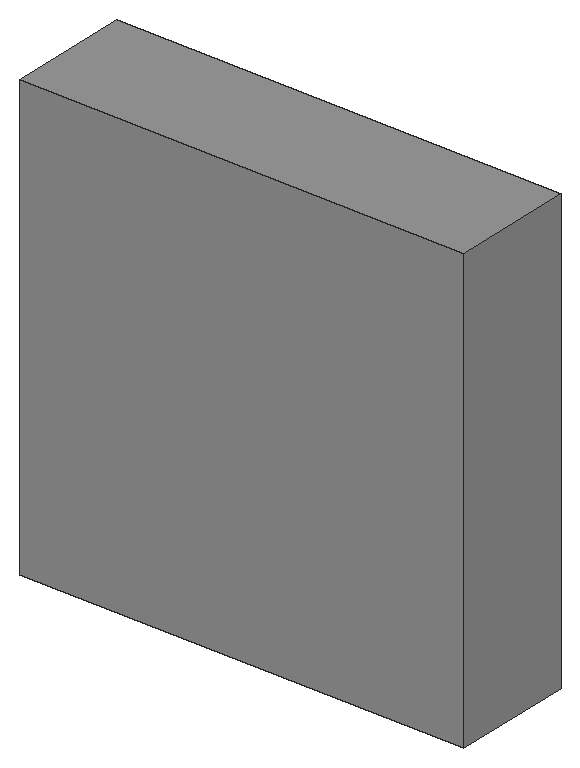
Revit family "SHG_Tueroeffner_V1700", category Sicherheitsgeräte, Revit 2017
Family settings
  Beschriftungsausrichtung beibehalten = Nein
  Bemaßung runder Anschluss = Durchmesser verwenden
  Teiletyp = Normal
  OmniClass-Nummer = 23.85.30.11
  OmniClass-Titel = Access Controls
  Arbeitsebenenbasiert = Nein
  Immer vertikal = Ja
  Beim Laden mit Abzugskörper schneiden = Ja
  Gemeinsam genutzt = Nein
  Raumberechnungspunkt = Nein
Parameters (values of type "Tueroeffner_EMA")
  pbr_Material_KZ = ""
  pbr_Material = none
  pbr_E_Typ = ""
  pbr_E_KZ = ""
  pbr_DINBild = 0
  pbr_Bild = 0
  pbr_3Dx_Delta_Korrekturversatz [instance] = 0 mm
  pbr_3DX_Versatzfaktor [instance] = 0
  pbr_2DY_Versatzfaktor [instance] = 0
  pbr_2DX_Versatzfaktor [instance] = 0
  lfd_STRK [instance] = 0
  cpiFitMatchKey [instance] = "E-ZK TÖ"
  Zentrale [instance] = ""
  Türöffner = yes
  Typ [instance] = ""
  Tiefe = 37 mm
  Text3 [instance] = ""
  Text2 [instance] = ""
  Text1 [instance] = ""
  Planungsbüro Rohling = "www.pbr.de"
  Netzart = ""
  Menge(Dosenzahl) [instance] = 0
  Länge = 135 mm
  Linie [instance] = ""
  Lastklassifizierung = none
  Installationsart [instance] = ""
  Info [instance] = ""
  Gewerk [instance] = "EMA"
  Eckversatz [instance] = 0 mm
  YFrontversatz [instance] = if(pbr_2DY_Versatzfaktor = 300, 0 mm, pbr_2DY_Versatzfaktor * 300 mm)  # 0 mm
  XSeitenversatz [instance] = if(pbr_2DX_Versatzfaktor = 0, 3000 mm, 3000 mm + (pbr_2DX_Versatzfaktor * 300 mm)) + Eckversatz  # 3000 mm
  X3Dversatz [instance] = if([3DX_Versatzkontrolle] = 0, 2000 mm, 2000 mm + ([3DX_Versatzkontrolle] * (300 mm - Breite))) + pbr_3Dx_Delta_Korrekturversatz  # 2000 mm
  Niveau [instance] = 1200 mm
  Bus [instance] = ""
  Breite = 135 mm
  Betriebsstrom ruhe [instance] = 0
  Betriebsstrom max [instance] = 0
  3DX_Versatzkontrolle [instance] = if(pbr_3DX_Versatzfaktor = 0, (pbr_2DX_Versatzfaktor * -1), (((-1 * pbr_3DX_Versatzfaktor) + pbr_2DX_Versatzfaktor) * -1))  # 0
  3DX_Versatz [instance] = if([3DX_Versatzkontrolle] = 0, 2000 mm, 2000 mm + ([3DX_Versatzkontrolle] * (300 mm - Breite))) + pbr_3Dx_Delta_Korrekturversatz  # 2000 mm
Types (2, lengths in mm): name | Gewerk
  Tueroeffner_EMA | "EMA"
  Tueroeffner_ZK | "ZK"
Reference planes
  plane 1 "Mitte (Vorne/Hinten)": y = 0
  plane 2: z = 0
  plane 3 "Mitte (Links/Rechts)": x = 22.5
  plane 4: x = -127.5
  plane 5: x = 172.5
  plane 6: y = 300
  plane 7 "Schalterhinten": y = 0
  plane 8: x = -2977.5
  plane 9: x = 22.5
  plane 10: x = -1977.5
  plane 11: x = -45
  plane 12: x = 90
  plane 13: z = 1267.5
  plane 14: z = 1132.5
  plane 15 "SchalterVorne": y = 37
  plane 16 "3DMitte": x = 22.5
  plane 17 "Achse": z = 1200
  plane 18: z = 1225
  plane 19: z = 1175
  plane 20 "2DMitte": y = 150
Forms (mm)
  Extrusion 1, solid, material "Stahl, weich, geschweißt"
    sketch origin (0, 20, 0) x (0, 0, 1) y (-1, 0, 0)
      loop
        line (1132.5, 45) -> (1132.5, -90) -> (1267.5, -90) -> (1267.5, 45) -> (1132.5, 45)
    from -17 to 20
Dimensions and locks
  locked: plane 6 to plane 7 "Schalterhinten" at 300
  "XSeitenversatz": plane 8 to plane 9
  plane 8 to plane 3 "Mitte (Links/Rechts)" = 3000 mm
  "YFrontversatz": plane 1 "Mitte (Vorne/Hinten)" to plane 7 "Schalterhinten"
  "Breite": plane 12 to plane 11
  "Länge": plane 13 to plane 14
  plane 9 to plane 10 = 2000 mm
  equal spacing: plane 12, plane 16 "3DMitte", plane 11
  equal spacing: plane 13, plane 17 "Achse", plane 14
  "Niveau": plane 17 "Achse" to level
  "Tiefe": plane 15 "SchalterVorne" to plane 1 "Mitte (Vorne/Hinten)"
  plane 13 to plane 18 = 42.5 mm
  plane 19 to plane 14 = 42.5 mm
  equal spacing: plane 4, plane 9, plane 5, locked at 150 each
  locked: plane 4 to plane 5 at 300
  equal spacing: plane 6, plane 20 "2DMitte", plane 7 "Schalterhinten", locked at 150 each
  "3DX_Versatz": plane 3 "Mitte (Links/Rechts)" to plane 10
  locked: plane 9 to plane 10 at 2000
  aligned and locked: level to plane 2
  aligned and locked: Extrusion 1 sketch curve to plane 14
  aligned and locked: Extrusion 1 sketch curve to plane 11
  aligned and locked: Extrusion 1 sketch curve to plane 13
  aligned and locked: plane 12 to Extrusion 1 sketch curve
  aligned and locked: plane 1 "Mitte (Vorne/Hinten)" to Extrusion 1
  aligned and locked: Extrusion 1 to plane 15 "SchalterVorne"
  aligned and locked: nested 1 to plane 9
  aligned and locked: nested 1 to plane 7 "Schalterhinten"
Nested families
  nested 1: "Türöffner" at (22.5, 0, 0), visible <- "Türöffner", type "Türöffner"
Connectors
  electrical at (22.5, 0, 1200)
    settings: on Extrusion 1, index 1, voltage 0 V, apparent load 0 VA, apparent load phase1 0 VA, apparent load phase2 0 VA, apparent load phase3 0 VA, power factor 1, load classification "Sonstige", number of poles 1, system type 10, power factor state 1, is connector primary yes, connector utility no, sub classification motor no, connector description ""
Definition of nested family "Türöffner"
  Reference planes
    plane 1 "Mitte (Vorne/Hinten)": y = 0
    plane 2: z = 0
    plane 3 "Mitte (Links/Rechts)": x = 0
  Lines and regions (mm)
    detail lines, in view "Referenzebene"
      curve 1: arc (-2.679, 55.769, 0) -> (-46.108, 99.198, 0) -> (-89.536, 55.769, 0) r 43.429
      curve 2: arc (84.178, 55.769, 0) -> (40.749, 99.198, 0) -> (-2.679, 55.769, 0) r 43.429
      curve 3: line (149.736, 0, 0) -> (299.736, 0, 0)
      curve 4: line (299.736, 0, 0) -> (149.736, 150, 0)
      curve 5: line (149.736, 150, 0) -> (149.736, 0, 0)
      curve 6: line (149.736, 0, 0) -> (-150.264, 0, 0)
      curve 7: line (-150.264, 0, 0) -> (-150.264, 150, 0)
      curve 8: line (-150.264, 150, 0) -> (149.736, 150, 0)
